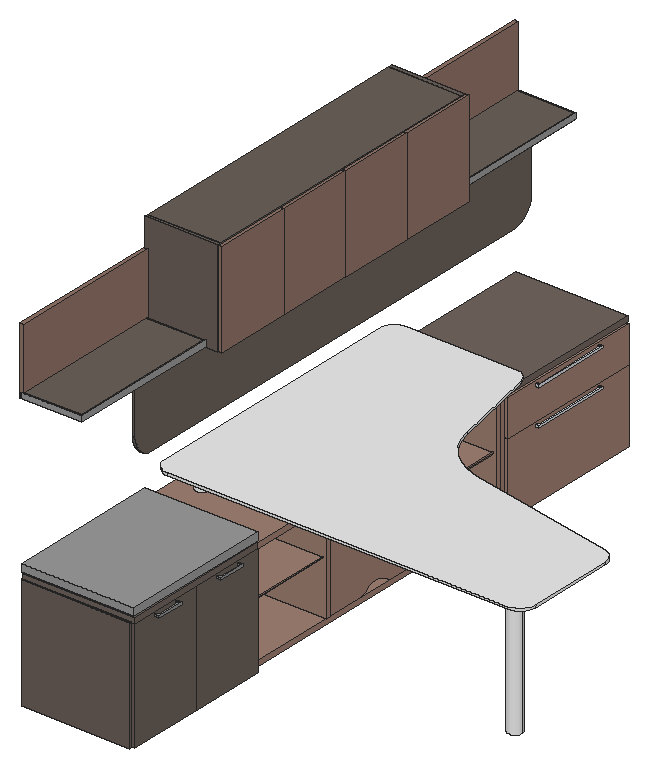
Revit family "T100103", category Furniture, Revit 2022
Family settings
  OmniClass Number = 23.40.20.00
  OmniClass Title = General Furniture and Specialties
  Work Plane-Based = No
  Always vertical = Yes
  Cut with Voids When Loaded = No
  Render Appearance Source = Family Geometry
  Shared = No
  Room Calculation Point = No
Parameters
  URL = "https://ofs.com/"
  Model = "T200054\r\nT200054\r\nT200054\r\nT200054"
  Manufacturer = "OFS"
  Description = "OFS Typical T200054"
  Default Elevation = 0"
  Catalog = "https://ofs.com/typical/t200054"
  Authoring Version = "Autodesk Revit Architecture 2015"
  Assembly Code = "E2020400"
Reference planes (in)
  plane 1 "Center (Front/Back)": y = 0
  plane 2: z = 0
  plane 3 "Center (Left/Right)": x = 0
Dimensions and locks (in)
  aligned and locked: level to plane 2
Nested families (in)
  nested 1: "OFS STAKS HEIGHT ADJUSTABLE SWEEP TOP DESK 74x60 Top 22D Cabinet" at (-24, 0, 0) x (0, 1, 0) z (0, 0, 1), type "HA Sweep Top Desk 74x60 Left w 22D Cabinet"
    with Worksurface Height 27", Right Column no, Right 4H4 no, Leg Caps Material OFS STAKS Leg Caps Material, Left Column yes, Left 4H4 no, H4H Height Adjustable Panel Base Option yes, Columns Finish OFS STAKS Columns Material, Chassis Finish OFS STAKS Veneer Board Material
  nested 2: "OFS STAKS Rectangular Worksurface 22 Depth Long Grain" at (-38.83365, 22.44502, -6) x (0, 1, 0) z (0, 0, 1), type "Rectangular Worksurface 30" Width"
  nested 3: "OFS STAKS Rectangular Worksurface 22 Depth Long Grain" at (-38.83365, -22.32002, -6) x (0, -1, 0) z (0, 0, 1), type "Rectangular Worksurface 30" Width"
  nested 4: "STAKS LOW HEIGHT DOOR CABINET - NO RISER SUPPORT" at (-16.99965, -23.89789, 0) x (0, -1, 0) z (0, 0, 1), type "STAKS LOW HEIGHT DOOR CABINET - NO RISER SUPPORT 30 x 22"
  nested 5: "OFS STAKS File Pedestal No Riser Support 30 Width" at (-38.83365, 25.44327, 0) x (0, 1, 0) z (0, 0, 1), type "Low Height Tray/File Pedestal No Riser Support 16.375" Depth"
    with Depth 22"
  nested 6: "STAKS WALLMOUNT ORGANIZER WITH DOORS Four Doors" at (-38.07585, -27.05499, 0.625) x (0, 1, 0) z (0, 0, 1), type "STAKS WALLMOUNT ORGANIZER WITH DOORS Four Doors 60in W"
    with Height Above Floor 71 1/2", 2D Symbol Lines yes
  nested 7: "STAKS TRANSACTION COUNTER 30in" at (-38.26334, 17.94502, 25.125) x (0, 1, 0) z (0, 0, 1), type "STAKS TRANSACTION COUNTER 30in"
  nested 8: "STAKS TRANSACTION COUNTER 30in" at (-38.26334, -17.94502, 25.125) x (0, -1, 0) z (0, 0, 1), type "STAKS TRANSACTION COUNTER 30in"
  nested 9: "STAKS FABRIC TACKBOARD WITH ROUNDED CORNERS FOR SPINE OR DIVIDER WALL" at (-38.70074, -40.58624, 7.625) x (0, 1, 0) z (0, 0, 1), type "STAKS FABRIC TACKBOARD WITH ROUNDED CORNERS FOR SPINE OR DIVIDER WALL 18H x 74-96W"
    with Height Above Floor 41 1/2", Width 96"
  nested 10: "STAKS LOW OR BENCH HEIGHT CUSHIONS" at (-35.12535, -23.89789, 3) x (0, -1, 0) z (0, 0, 1), type "STAKS LOW OR BENCH HEIGHT CUSHION - SINGLE 30"
Definition of nested family "OFS STAKS HEIGHT ADJUSTABLE SWEEP TOP DESK 74x60 Top 22D Cabinet"
  Parameters (values of type "HA Sweep Top Desk 74x60 Right w 22D Cabinet")
    Worksurface Finish = none
    Width = 60"
    URL = "https://ofs.com/"
    Shelves Finish = none
    Right Column [instance] = no
    Right 4H4 [instance] = yes
    Right = yes
    Leg Caps Material [instance] = none
    Left Column [instance] = no
    Left 4H4 [instance] = no
    Left = no
    H4H Height Adjustable Panel Base Option [instance] = yes
    Depth = 74"
    Model = "6-7460HASWTR"
    Manufacturer = "OFS"
    Height = 1 3/16"
    Description = "OFS STAKS HEIGHT ADJUSTABLE SWEEP TOP DESK Right Sided, 60\"W x 22\"D Low Height Cabinet, 72\"W x 58\"D Worksurface"
    Default Elevation = 0"
    Copyright © = "©OFS 2021"
    Columns Finish [instance] = none
    Chassis Finish [instance] = none
    Catalog = "https://ofs.com/products/casegoods/private-office/staks"
    Worksurface Height [instance] = 27"
    Cabinet Storage Approach = none
    Authoring Version = "Autodesk Revit Architecture 2015"
    Assembly Code = "E2020200"
  Types (3): name | Right 4H4 | Right | Left 4H4 | Left | Model | Description
    (no name) | yes | yes | no | no | "6-7460HASWTR" | "OFS STAKS HEIGHT ADJUSTABLE SWEEP TOP DESK Right Sided, 60\"W x 22\"D Low Height Cabinet, 72\"W x 58\"D Worksurface"
    HA Sweep Top Desk 74x60 Left w 22D Cabinet | no | no | yes | yes | "6-7460HASWTL" | "OFS STAKS HEIGHT ADJUSTABLE SWEEP TOP DESK Left Sided, 60\"W x 22\"D Low Height Cabinet, 72\"W x 58\"D Worksurface"
    HA Sweep Top Desk 74x60 Right w 22D Cabinet | yes | yes | no | no | "6-7460HASWTR" | "OFS STAKS HEIGHT ADJUSTABLE SWEEP TOP DESK Right Sided, 60\"W x 22\"D Low Height Cabinet, 72\"W x 58\"D Worksurface"
  Reference planes (in)
    plane 1 "Back End": y = 13
    plane 2: z = 0
    plane 3 "Center Left/Right": x = 0
    plane 4 "Left End": x = -30
    plane 5 "Front End": y = -61
    plane 6 "Right End": x = 30
    plane 7 "Height Top": z = 28.1875
    plane 8: z = 27
    plane 9 "Center Front/Back": y = -24
    plane 10: z = 24.625
    plane 11: z = 22.25
    plane 12: z = 26.875
  Forms (in)
    Extrusion 1, solid, material <- "Columns Finish", visible <- "Right"
      sketch origin (-24, -25.75, 0) x (0, 1, 0) y (-1, 0, 0)
        loop
          circle (-24.4997, -43.08789) r 1.125
      from 24.625 to 26.875
    Extrusion 2, solid, material <- "Columns Finish", visible <- "Right"
      sketch origin (-24, -25.75, 0) x (0, 1, 0) y (-1, 0, 0)
        loop
          circle (-24.4997, -43.08789) r 1.25
      from 22.25 to 24.625
    Extrusion 3, solid, material <- "Columns Finish", visible <- "Right Column"
      sketch origin (-24, -25.75, 0) x (0, 1, 0) y (-1, 0, 0)
        loop
          circle (-24.4997, -43.08789) r 1.375
      from 0 to 22.25
    Extrusion 4, solid, material <- "Columns Finish"
      sketch origin (-24, -19.75, 0) x (0, 1, 0) y (-1, 0, 0)
        loop
          line (24, -44) -> (24, -50) -> (30, -50) -> (30, -44) -> (24, -44)
        loop
          line (24, -4) -> (30, -4) -> (30, 2) -> (24, 2) -> (24, -4)
      from 26.875 to 27
    Extrusion 5, solid, material <- "Columns Finish"
      sketch origin (-21.08789, 26.75266, 0) x (0, 1, 0) y (-1, 0, 0)
        loop
          circle (-18.4997, -43.08789) r 1.125
      from 24.625 to 26.875
    Extrusion 6, solid, material <- "Columns Finish"
      sketch origin (-21.08789, 26.75266, 0) x (0, 1, 0) y (-1, 0, 0)
        loop
          circle (-18.4997, -43.08789) r 1.25
      from 22.25 to 24.625
    Extrusion 7, solid, material <- "Columns Finish"
      sketch origin (-21.08789, 26.75266, 0) x (0, 1, 0) y (-1, 0, 0)
        loop
          circle (-18.4997, -43.08789) r 1.375
      from 2.375 to 22.25
    Extrusion 8, solid, material <- "Columns Finish"
      sketch origin (-53.08789, 26.75266, 0) x (0, 1, 0) y (-1, 0, 0)
        loop
          circle (-18.4997, -31.08789) r 1.125
      from 24.625 to 26.875
    Extrusion 9, solid, material <- "Columns Finish"
      sketch origin (-53.08789, 26.75266, 0) x (0, 1, 0) y (-1, 0, 0)
        loop
          circle (-18.4997, -31.08789) r 1.25
      from 22.25 to 24.625
    Extrusion 10, solid, material <- "Columns Finish"
      sketch origin (-53.08789, 26.75266, 0) x (0, 1, 0) y (-1, 0, 0)
        loop
          circle (-18.4997, -31.08789) r 1.375
      from 2.375 to 22.25
    Extrusion 11, solid, material <- "Columns Finish", visible <- "Right"
      sketch origin (-24, -25.75, 0) x (0, 1, 0) y (-1, 0, 0)
        loop
          line (-26.4997, -40.08789) -> (-26.4997, -46.08789) -> (-20.4997, -46.08789) -> (-20.4997, -40.08789) -> (-26.4997, -40.08789)
      from 26.875 to 27
    Extrusion 12, solid, material <- "Columns Finish", visible <- "Left"
      sketch origin (24, -25.75, 0) x (0, 1, 0) y (-1, 0, 0)
        loop
          circle (-24.4997, 43.08789) r 1.125
      from 24.625 to 26.875
    Extrusion 13, solid, material <- "Columns Finish", visible <- "Left"
      sketch origin (24, -25.75, 0) x (0, 1, 0) y (-1, 0, 0)
        loop
          circle (-24.4997, 43.08789) r 1.25
      from 22.25 to 24.625
    Extrusion 14, solid, material <- "Columns Finish", visible <- "Left Column"
      sketch origin (24, -25.75, 0) x (0, 1, 0) y (-1, 0, 0)
        loop
          circle (-24.4997, 43.08789) r 1.375
      from 0 to 22.25
    Extrusion 15, solid, material <- "Columns Finish", visible <- "Left"
      sketch origin (24, -25.75, 0) x (0, 1, 0) y (-1, 0, 0)
        loop
          line (-26.4997, 40.08789) -> (-20.4997, 40.08789) -> (-20.4997, 46.08789) -> (-26.4997, 46.08789) -> (-26.4997, 40.08789)
      from 26.875 to 27
  Dimensions and locks (in)
    "Height": plane 7 "Height Top" to plane 8
    "Worksurface Height": plane 8 to level
    "Depth": plane 5 "Front End" to plane 1 "Back End"
    equal spacing: plane 4 "Left End", plane 3 "Center Left/Right", plane 6 "Right End"
    "Width": plane 4 "Left End" to plane 6 "Right End"
    equal spacing: plane 5 "Front End", plane 9 "Center Front/Back", plane 1 "Back End"
    locked: plane 11 to level at 22.25
    equal spacing: plane 8, plane 10, plane 11
    locked: plane 8 to plane 12 at 0.125
    aligned and locked: level to plane 2
    aligned and locked: plane 7 "Height Top" to nested 2
    aligned and locked: plane 8 to Extrusion 15
    aligned and locked: Extrusion 4 to plane 8
    aligned and locked: Extrusion 11 to plane 8
    aligned and locked: plane 12 to Extrusion 11
    aligned and locked: Extrusion 4 to plane 12
    aligned and locked: Extrusion 15 to plane 12
    aligned and locked: plane 12 to Extrusion 12
    aligned and locked: plane 12 to Extrusion 8
    aligned and locked: Extrusion 1 to plane 12
    aligned and locked: Extrusion 5 to plane 12
    aligned and locked: Extrusion 2 to plane 10
    aligned and locked: plane 10 to Extrusion 1
    aligned and locked: Extrusion 6 to plane 10
    aligned and locked: plane 10 to Extrusion 5
    aligned and locked: plane 10 to Extrusion 13
    aligned and locked: Extrusion 12 to plane 10
    aligned and locked: plane 10 to Extrusion 9
    aligned and locked: Extrusion 8 to plane 10
    aligned and locked: nested 5 to plane 7 "Height Top"
  Automatic sketch dimensions
    plane 5 "Front End" to Extrusion 1 sketch curve = 10.7503"
    plane 6 "Right End" to Extrusion 1 sketch curve = 10.91211"
    Extrusion 2 sketch curve to Extrusion 2 sketch curve = 0"  (x2)
    plane 5 "Front End" to Extrusion 2 sketch curve = 10.7503"
    plane 6 "Right End" to Extrusion 2 sketch curve = 10.91211"
    Extrusion 2 sketch curve to Extrusion 2 sketch curve = 1 1/4"
    Extrusion 3 sketch curve to Extrusion 3 sketch curve = 0"  (x2)
    plane 5 "Front End" to Extrusion 3 sketch curve = 10.7503"
    plane 6 "Right End" to Extrusion 3 sketch curve = 10.91211"
    Extrusion 3 sketch curve to Extrusion 3 sketch curve = 1 3/8"
    plane 1 "Back End" to Extrusion 4 sketch curve = 8 3/4"  (x2)
    plane 4 "Left End" to Extrusion 4 sketch curve = 4"
    plane 1 "Back End" to Extrusion 4 sketch curve = 2 3/4"  (x2)
    Extrusion 4 sketch curve to Extrusion 4 sketch curve = 6"
    plane 6 "Right End" to Extrusion 4 sketch curve = 10"
    plane 6 "Right End" to Extrusion 4 sketch curve = 4"
    plane 1 "Back End" to Extrusion 5 sketch curve = 4.74705"
    plane 6 "Right End" to Extrusion 5 sketch curve = 8"
    Extrusion 6 sketch curve to Extrusion 6 sketch curve = 0"  (x2)
    plane 1 "Back End" to Extrusion 6 sketch curve = 4.74705"
    plane 6 "Right End" to Extrusion 6 sketch curve = 8"
    Extrusion 6 sketch curve to Extrusion 6 sketch curve = 1 1/4"
    Extrusion 7 sketch curve to Extrusion 7 sketch curve = 0"  (x2)
    plane 1 "Back End" to Extrusion 7 sketch curve = 4.74705"
    plane 6 "Right End" to Extrusion 7 sketch curve = 8"
    Extrusion 7 sketch curve to Extrusion 7 sketch curve = 1 3/8"
    plane 1 "Back End" to Extrusion 8 sketch curve = 4.74705"
    plane 4 "Left End" to Extrusion 8 sketch curve = 8"
    Extrusion 9 sketch curve to Extrusion 9 sketch curve = 0"  (x2)
    plane 1 "Back End" to Extrusion 9 sketch curve = 4.74705"
    plane 4 "Left End" to Extrusion 9 sketch curve = 8"
    Extrusion 9 sketch curve to Extrusion 9 sketch curve = 1 1/4"
    Extrusion 10 sketch curve to Extrusion 10 sketch curve = 0"  (x2)
    plane 1 "Back End" to Extrusion 10 sketch curve = 4.74705"
    plane 4 "Left End" to Extrusion 10 sketch curve = 8"
    Extrusion 10 sketch curve to Extrusion 10 sketch curve = 1 3/8"
    plane 5 "Front End" to Extrusion 11 sketch curve = 8.7503"
    Extrusion 11 sketch curve to Extrusion 11 sketch curve = 6"  (x2)
    plane 6 "Right End" to Extrusion 11 sketch curve = 7.91211"
    Extrusion 12 sketch curve to plane 5 "Front End" = 10.7503"
    Extrusion 12 sketch curve to plane 4 "Left End" = 10.91211"
    Extrusion 13 sketch curve to Extrusion 13 sketch curve = 0"  (x2)
    Extrusion 13 sketch curve to plane 5 "Front End" = 10.7503"
    Extrusion 13 sketch curve to plane 4 "Left End" = 10.91211"
    Extrusion 13 sketch curve to Extrusion 13 sketch curve = 1 1/4"
    Extrusion 14 sketch curve to Extrusion 14 sketch curve = 0"  (x2)
    Extrusion 14 sketch curve to plane 5 "Front End" = 10.7503"
    Extrusion 14 sketch curve to plane 4 "Left End" = 10.91211"
    Extrusion 14 sketch curve to Extrusion 14 sketch curve = 1 3/8"
    Extrusion 15 sketch curve to plane 5 "Front End" = 8.7503"
    Extrusion 15 sketch curve to Extrusion 15 sketch curve = 6"  (x2)
    Extrusion 15 sketch curve to plane 4 "Left End" = 7.91211"
    radius of Extrusion 1 sketch curve = 1 1/8"
    radius of Extrusion 5 sketch curve = 1 1/8"
    radius of Extrusion 8 sketch curve = 1 1/8"
    radius of Extrusion 12 sketch curve = 1 1/8"
  Nested families (in)
    nested 1: "Aptos Modular Low Height Cabinets" at (0, 13, 0), Chassis Finish <- "Chassis Finish", Leg Caps Material <- "Leg Caps Material", Column Finish <- "Columns Finish", Worksurface Approach Finish <- "Worksurface Finish", Shelf Finish <- "Shelves Finish", Cabinet Storage Approach Finish <- "Cabinet Storage Approach", type "APTOS HEIGHT ADJUSTABLE SWEEP TOP DESK"
      with Worksurface Approach Finish none, Shelf Finish none, Leg Caps Material none, Column Finish none, Chassis Finish none, Cabinet Storage Approach Finish none, Width 60"
    nested 2: "APTOS SWEEP ELEVATED RUNOFF WORKSURFACE RIGHT - WOOD TOP for 18D Cabinets" at (-24, -23.7503, -1.3125) x (0, 1, 0) z (0, 0, 1), visible <- "Right", type "APTOS SWEEP ELEVATED RUNOFF WORKSURFACE 66" x 52" RIGHT OPEN END - WOOD TOP"
    nested 3: "H4H" at (-19, -53.25, 0) x (-1, 0, 0) z (0, 0, 1), visible <- "Left 4H4", Column Material <- "Columns Finish", Board Material <- "Chassis Finish", Leg Caps Material <- "Leg Caps Material", type "H4H"
      with Leg Caps Material none, Column Material none, Board Material none
    nested 4: "H4H" at (19, -53.25, 0), visible <- "Right 4H4", Column Material <- "Columns Finish", Board Material <- "Chassis Finish", Leg Caps Material <- "Leg Caps Material", type "H4H"
      with Leg Caps Material none, Column Material none, Board Material none
    nested 5: "APTOS SWEEP ELEVATED RUNOFF WORKSURFACE RIGHT - WOOD TOP for 18D Cabinets" at (24, -23.7503, -1.3125) x (0, 1, 0) z (0, 0, 1), visible <- "Left", type "APTOS SWEEP ELEVATED RUNOFF WORKSURFACE 66" x 52" RIGHT OPEN END - WOOD TOP"
  Definition of nested family "Aptos Modular Low Height Cabinets"
    Parameters (values of type "APTOS HEIGHT ADJUSTABLE SWEEP TOP DESK")
      Width = 54"
      URL = "http://ofsbrands.com"
      Top Board, Back Offset = 0"
      Shelf Finish [instance] = none
      Shelf Height = 10 9/16"
      Default Elevation = 0"
      Cabinet Storage Approach Finish [instance] = none
      Drawer Width = 14 3/4"
      Drawer Gap = 7/8"
      Worksurface Approach Finish [instance] = none
      Column Finish [instance] = none
      Box Width = 22 3/4"
      Bottom Drawer Height = 12"
      Board Thick Door = 1"
      Depth = 22"
      Chassis Finish [instance] = none
      Model = ""
      Manufacturer = "OFS"
      Leg Caps Material [instance] = none
      Leg Offset = 2"
      Board Thick Internal = 3/4"
      Height = 22 7/8"
      Description = "OFS BRANDS OFS APTOS"
      Copyright © = "© OFS BRANDS 2017"
      Catalog = "APTOS http://ofsbrands.com/products/casegoods/private-office/aptos"
      Bottom Board Offset = 1/2"
      Board Thick Top and Bot = 1"
      Board Thick Shelfs = 3/4"
      Board Thick Sides = 3/4"
      Board Thick Front = 3/4"
      Board Thick Back = 3/4"
      Authoring Version = "Autodesk Revit Architecture 2013"
      Assembly Code = "E2020200"
    Reference planes (in)
      plane 1 "Center Front/Back": y = 0
      plane 2: z = 0
      plane 3 "Center Left/Right": x = 0
      plane 4 "Left End": x = -27
      plane 5 "Front End": y = -21
      plane 6 "Right End": x = 27
      plane 7 "Back End": y = 0
      plane 8 "Height Top": z = 22.875
      plane 9: x = -26.25
      plane 10: x = 26.25
      plane 11: z = 11.3125
      plane 12: z = 12.0625
      plane 13: z = 21.875
      plane 14: z = 0.5
      plane 15: z = 1.5
      plane 16: y = -20.25
      plane 17: y = -2
      plane 18: y = -2
      plane 19: y = -19
      plane 20: y = -19
      plane 21: x = -25
      plane 22: x = 25
      plane 23: x = 25
      plane 24: x = -25
      plane 25: x = -12.125
      plane 26: x = -11.375
      plane 27: y = -22
      plane 28: y = -0.75
      plane 29: x = 12.125
      plane 30: x = 11.375
      plane 31: y = 0
      plane 32: y = -2.75
    Forms (in)
      Extrusion 1, solid, material <- "Chassis Finish"
        sketch origin (0, 0, 0) x (1, 0, 0) y (0, 1, 0)
          loop
            line (-27, 0) -> (-27, -21) -> (-26.25, -21) -> (-26.25, 0) -> (-27, 0)
        from 0.5 to 21.875
      Extrusion 2, solid, material <- "Chassis Finish"
        sketch origin (0, 0, 0) x (-1, 0, 0) y (0, -1, 0)
          loop
            line (-27, 0) -> (-26.25, 0) -> (-26.25, 21) -> (-27, 21) -> (-27, 0)
        from 0.5 to 21.875
      Extrusion 3, solid, material <- "Chassis Finish"
        sketch origin (0, 0, 0) x (1, 0, 0) y (0, 1, 0)
          loop
            line (-26.25, 0) -> (-26.25, -21) -> (26.25, -21) -> (26.25, 0) -> (-26.25, 0)
        from 0.5 to 1.5
      Extrusion 4, solid, material <- "Chassis Finish"
        sketch origin (0, 0, 0) x (1, 0, 0) y (0, 1, 0)
          loop
            line (-27, 0) -> (-27, -22) -> (27, -22) -> (27, 0) -> (-27, 0)
        from 21.875 to 22.875
      Revolve 5, solid, material <- "Leg Caps Material"
        sketch origin (0, -2, 0) x (-1, 0, 0) y (0, 0, 1)
          loop
            line (24, 0.28743) -> (24.5, 0.28743)
            arc (24.5, 0.28743) -> (24.35629, 0.14371) -> (24.5, 0) r 0.14371
            line (24.5, 0) -> (25, 0) -> (25, 0.5) -> (24, 0.5) -> (24, 0.28743)
          axis (25, 0.5) -> (25, 0)
        angle from 0 to 360
      Revolve 6, solid, material <- "Leg Caps Material"
        sketch origin (0, -2, 0) x (1, 0, 0) y (0, 0, -1)
          loop
            line (24, -0.28743) -> (24, -0.5) -> (25, -0.5) -> (25, 0) -> (24.5, 0)
            arc (24.5, 0) -> (24.35629, -0.14371) -> (24.5, -0.28743) r 0.14371
            line (24.5, -0.28743) -> (24, -0.28743)
          axis (25, -0.5) -> (25, 0)
        angle from 0 to 360
      Revolve 7, solid, material <- "Leg Caps Material"
        sketch origin (0, -19, 0) x (-1, 0, 0) y (0, 0, -1)
          loop
            line (24, -0.28743) -> (24, -0.5) -> (25, -0.5) -> (25, 0) -> (24.5, 0)
            arc (24.5, 0) -> (24.35629, -0.14371) -> (24.5, -0.28743) r 0.14371
            line (24.5, -0.28743) -> (24, -0.28743)
          axis (25, -0.5) -> (25, 0)
        angle from 0 to 360
      Revolve 8, solid, material <- "Leg Caps Material"
        sketch origin (0, -19, 0) x (1, 0, 0) y (0, 0, 1)
          loop
            line (24, 0.28743) -> (24.5, 0.28743)
            arc (24.5, 0.28743) -> (24.35629, 0.14371) -> (24.5, 0) r 0.14371
            line (24.5, 0) -> (25, 0) -> (25, 0.5) -> (24, 0.5) -> (24, 0.28743)
          axis (25, 0.5) -> (25, 0)
        angle from 0 to 360
      Extrusion 9, solid, material <- "Chassis Finish"
        sketch origin (0, 0, 0) x (1, 0, 0) y (0, 1, 0)
          loop
            line (-12.125, -0.75) -> (-12.125, -21) -> (-11.375, -21) -> (-11.375, -0.75) -> (-12.125, -0.75)
        from 1.5 to 21.875
      Revolve 10, solid, material <- "Leg Caps Material"
        sketch origin (-28, -2, 0) x (1, 0, 0) y (0, 0, -1)
          loop
            line (27, -0.28743) -> (27, -0.5) -> (28, -0.5) -> (28, 0) -> (27.5, 0)
            arc (27.5, 0) -> (27.35629, -0.14371) -> (27.5, -0.28743) r 0.14371
            line (27.5, -0.28743) -> (27, -0.28743)
          axis (28, -0.5) -> (28, 0)
        angle from 0 to 360
      Revolve 11, solid, material <- "Leg Caps Material"
        sketch origin (-28, -19, 0) x (1, 0, 0) y (0, 0, 1)
          loop
            line (27, 0.28743) -> (27.5, 0.28743)
            arc (27.5, 0.28743) -> (27.35629, 0.14371) -> (27.5, 0) r 0.14371
            line (27.5, 0) -> (28, 0) -> (28, 0.5) -> (27, 0.5) -> (27, 0.28743)
          axis (28, 0.5) -> (28, 0)
        angle from 0 to 360
      Extrusion 12, solid, material <- "Chassis Finish"
        sketch origin (0, 0, 0) x (-1, 0, 0) y (0, -1, 0)
          loop
            line (-12.125, 0.75) -> (-11.375, 0.75) -> (-11.375, 21) -> (-12.125, 21) -> (-12.125, 0.75)
        from 1.5 to 21.875
      Extrusion 13, solid, material <- "Chassis Finish"
        sketch origin (0, 13.5, 0) x (1, 0, 0) y (0, 1, 0)
          loop
            line (11.375, -15.5) -> (-11.375, -15.5) -> (-11.375, -16.25) -> (11.375, -16.25) -> (11.375, -15.5)
        from 1.5 to 21.875
      Extrusion 14, solid, material <- "Chassis Finish"
        sketch origin (-0.25, 27.875, 0) x (-1, 0, 0) y (0, -1, 0)
          loop
            line (-26.5, 27.875) -> (26, 27.875) -> (26, 28.625) -> (-26.5, 28.625) -> (-26.5, 27.875)
        from 1.5 to 21.875
      Extrusion 15, solid, material <- "Shelf Finish"
        sketch origin (-21, 0, 0) x (0, 1, 0) y (0, 0, -1)
          loop
            line (-2.75, -12.0625) -> (-2.75, -11.3125) -> (-19.75, -11.3125) -> (-20.25, -11.8125) -> (-20.25, -12.0625) -> (-2.75, -12.0625)
        from -8.875 to 5.25
      Extrusion 16, solid, material <- "Shelf Finish"
        sketch origin (21, 0, 0) x (0, 1, 0) y (0, 0, 1)
          loop
            line (-2.75, 12.0625) -> (-20.25, 12.0625) -> (-20.25, 11.8125) -> (-19.75, 11.3125) -> (-2.75, 11.3125) -> (-2.75, 12.0625)
        from -8.875 to 5.25
      Extrusion 17, solid, material <- "Cabinet Storage Approach Finish"
        sketch origin (0, 0, 0) x (1, 0, 0) y (0, 0, 1)
          loop
            line (-11.375, 21.875) -> (-11.375, 1.5) -> (-4.67423, 1.5)
            arc (-4.67423, 1.5) -> (-3.42989, 1.69847) -> (-2.30903, 2.27419) r 4
            arc (-2.30903, 2.27419) -> (0, 3.03) -> (2.30903, 2.27419) r 3.905
            arc (2.30903, 2.27419) -> (3.42989, 1.69847) -> (4.67423, 1.5) r 4
            line (4.67423, 1.5) -> (11.375, 1.5) -> (11.375, 21.875) -> (4.67423, 21.875)
            arc (4.67423, 21.875) -> (3.42989, 21.67653) -> (2.30903, 21.10081) r 4
            arc (2.30903, 21.10081) -> (0, 20.345) -> (-2.30903, 21.10081) r 3.905
            arc (-2.30903, 21.10081) -> (-3.42989, 21.67653) -> (-4.67423, 21.875) r 4
            line (-4.67423, 21.875) -> (-11.375, 21.875)
        from 20.25 to 21
    Dimensions and locks (in)
      equal spacing: plane 4 "Left End", plane 3 "Center Left/Right", plane 6 "Right End"
      "Width": plane 4 "Left End" to plane 6 "Right End"
      "Height": plane 8 "Height Top" to level
      "Board Thick Sides": plane 4 "Left End" to plane 9
      "Board Thick Sides": plane 10 to plane 6 "Right End"
      "Board Thick Top and Bot": plane 8 "Height Top" to plane 13
      "Board Thick Shelfs": plane 12 to plane 11
      "Board Thick Top and Bot": plane 15 to plane 14
      "Bottom Board Offset": plane 14 to level
      "Board Thick Front": plane 16 to plane 5 "Front End"
      "Leg Offset": plane 19 to plane 5 "Front End"
      "Leg Offset": plane 20 to plane 5 "Front End"
      "Leg Offset": plane 17 to plane 7 "Back End"
      "Leg Offset": plane 18 to plane 7 "Back End"
      "Leg Offset": plane 4 "Left End" to plane 21
      "Leg Offset": plane 22 to plane 6 "Right End"
      "Leg Offset": plane 23 to plane 6 "Right End"
      "Leg Offset": plane 4 "Left End" to plane 24
      "Board Thick Internal": plane 25 to plane 26
      "Board Thick Door": plane 27 to plane 5 "Front End"
      "Shelf Height": plane 12 to plane 15
      "Board Thick Back": plane 28 to plane 1 "Center Front/Back"
      "Depth": plane 27 to plane 1 "Center Front/Back"
      "Board Thick Internal": plane 29 to plane 30
      equal spacing: plane 26, plane 3 "Center Left/Right", plane 30
      "Box Width": plane 26 to plane 30
      "Top Board, Back Offset": plane 31 to plane 7 "Back End"
      "Board Thick Internal": plane 18 to plane 32
      aligned and locked: level to plane 2
      aligned and locked: plane 5 "Front End" to Extrusion 1 sketch curve
      aligned and locked: plane 4 "Left End" to Extrusion 1 sketch curve
      aligned and locked: Extrusion 1 sketch curve to plane 9
      aligned and locked: Extrusion 2 to plane 5 "Front End"
      aligned and locked: plane 10 to Extrusion 2
      aligned and locked: Extrusion 2 to plane 6 "Right End"
      aligned and locked: plane 14 to Extrusion 2
      aligned and locked: plane 10 to Extrusion 3 sketch curve
      aligned and locked: Extrusion 3 sketch curve to plane 9
      aligned and locked: plane 18 to Revolve 5
      aligned and locked: Revolve 6 to plane 17
      aligned and locked: plane 20 to Revolve 8
      aligned and locked: Revolve 7 to plane 19
      aligned and locked: Extrusion 9 sketch curve to plane 25
      aligned and locked: plane 26 to Extrusion 9 sketch curve
      aligned and locked: Extrusion 9 to plane 5 "Front End"
      aligned and locked: Extrusion 3 to plane 15
      aligned and locked: Extrusion 3 to plane 14
      aligned and locked: Extrusion 9 to plane 15
      aligned and locked: plane 13 to Extrusion 9
      aligned and locked: Extrusion 2 to plane 13
      aligned and locked: Extrusion 4 to plane 27
      aligned and locked: Extrusion 4 to plane 6 "Right End"
      aligned and locked: Extrusion 4 to plane 4 "Left End"
      aligned and locked: plane 8 "Height Top" to Extrusion 4
      aligned and locked: Extrusion 4 to plane 13
      aligned and locked: Extrusion 1 to plane 1 "Center Front/Back"
      aligned and locked: Extrusion 2 to plane 1 "Center Front/Back"
      aligned and locked: Extrusion 3 to plane 1 "Center Front/Back"
      aligned and locked: plane 13 to Extrusion 1
      aligned and locked: Extrusion 1 to plane 14
      aligned and locked: plane 17 to Revolve 10
      aligned and locked: Revolve 11 to plane 20
      aligned and locked: Extrusion 12 sketch curve to plane 29
      aligned and locked: Extrusion 12 sketch curve to plane 30
      aligned and locked: Extrusion 4 to plane 31
      aligned and locked: plane 30 to Extrusion 13
      aligned and locked: plane 26 to Extrusion 13
      aligned and locked: Extrusion 13 to plane 18
      aligned and locked: Extrusion 13 to plane 32
      aligned and locked: plane 13 to Extrusion 13
      aligned and locked: Extrusion 13 to plane 15
      aligned and locked: Extrusion 14 to plane 10
      aligned and locked: Extrusion 12 to plane 15
      aligned and locked: plane 13 to Extrusion 12
      aligned and locked: Extrusion 15 to plane 9
      aligned and locked: plane 25 to Extrusion 15
      aligned and locked: plane 29 to Extrusion 16
      aligned and locked: Extrusion 16 to plane 10
      aligned and locked: Extrusion 14 to plane 9
      aligned and locked: Extrusion 14 to plane 13
      aligned and locked: Extrusion 14 to plane 15
      aligned and locked: plane 28 to Extrusion 9
      aligned and locked: plane 28 to Extrusion 12
      aligned and locked: plane 26 to Extrusion 17 sketch curve
      aligned and locked: Extrusion 17 sketch curve to plane 30
      aligned and locked: Extrusion 17 sketch curve to plane 13
      aligned and locked: Extrusion 17 sketch curve to plane 15
      aligned and locked: Extrusion 17 to plane 5 "Front End"
      aligned and locked: Extrusion 17 to plane 16
    Automatic sketch dimensions
      plane 1 "Center Front/Back" to Extrusion 1 sketch curve = 0"
      Extrusion 2 sketch curve to plane 5 "Front End" = 0"
      Extrusion 2 sketch curve to plane 6 "Right End" = 0"
      Extrusion 2 sketch curve to plane 10 = 0"
      plane 1 "Center Front/Back" to Extrusion 2 sketch curve = 0"
      Extrusion 3 sketch curve to plane 5 "Front End" = 0"
      plane 1 "Center Front/Back" to Extrusion 3 sketch curve = 0"
      Extrusion 4 sketch curve to plane 4 "Left End" = 0"
      Extrusion 4 sketch curve to plane 6 "Right End" = 0"
      Extrusion 4 sketch curve to plane 27 = 0"
      plane 31 to Extrusion 4 sketch curve = 0"
      Revolve 5 sketch curve to plane 14 = 0"
      Revolve 5 sketch curve to level = 0"
      plane 21 to Revolve 5 sketch curve = 0"  (x2)
      Revolve 5 sketch curve to plane 21 = 1/2"
      Revolve 5 sketch curve to Revolve 5 sketch curve = 1/2"  (x2)
      level to Revolve 5 sketch curve = 0.14371"
      level to Revolve 5 sketch curve = 0.28743"
      Revolve 5 sketch curve to Revolve 5 sketch curve = 0"
      Revolve 5 sketch curve to plane 15 = 1/4"
      Revolve 6 sketch curve to plane 14 = 0"
      Revolve 6 sketch curve to level = 0"
      Revolve 6 sketch curve to plane 22 = 0"  (x2)
      Revolve 6 sketch curve to Revolve 6 sketch curve = 1/2"  (x3)
      level to Revolve 6 sketch curve = 0.28743"
      level to Revolve 6 sketch curve = 0.14371"
      Revolve 6 sketch curve to Revolve 6 sketch curve = 0"
      Revolve 6 sketch curve to plane 15 = 1/4"
      Revolve 7 sketch curve to plane 14 = 0"
      Revolve 7 sketch curve to level = 0"
      plane 21 to Revolve 7 sketch curve = 0"  (x2)
      Revolve 7 sketch curve to plane 21 = 1/2"
      Revolve 7 sketch curve to Revolve 7 sketch curve = 1/2"  (x2)
      level to Revolve 7 sketch curve = 0.28743"
      level to Revolve 7 sketch curve = 0.14371"
      Revolve 7 sketch curve to Revolve 7 sketch curve = 0"
      Revolve 7 sketch curve to plane 15 = 1/4"
      Revolve 8 sketch curve to plane 14 = 0"
      Revolve 8 sketch curve to level = 0"
      Revolve 8 sketch curve to plane 22 = 0"  (x2)
      Revolve 8 sketch curve to Revolve 8 sketch curve = 1/2"  (x3)
      level to Revolve 8 sketch curve = 0.14371"
      level to Revolve 8 sketch curve = 0.28743"
      Revolve 8 sketch curve to Revolve 8 sketch curve = 0"
      Revolve 8 sketch curve to plane 15 = 1/4"
      Extrusion 9 sketch curve to plane 5 "Front End" = 0"
      plane 1 "Center Front/Back" to Extrusion 9 sketch curve = 3/4"
      Revolve 10 sketch curve to plane 14 = 0"
      Revolve 10 sketch curve to level = 0"
      Revolve 10 sketch curve to plane 3 "Center Left/Right" = 0"  (x2)
      Revolve 10 sketch curve to Revolve 10 sketch curve = 1/2"  (x3)
      level to Revolve 10 sketch curve = 0.28743"
      level to Revolve 10 sketch curve = 0.14371"
      Revolve 10 sketch curve to Revolve 10 sketch curve = 0"
      Revolve 10 sketch curve to plane 15 = 1/4"
      Revolve 11 sketch curve to plane 14 = 0"
      Revolve 11 sketch curve to level = 0"
      Revolve 11 sketch curve to plane 3 "Center Left/Right" = 0"  (x2)
      Revolve 11 sketch curve to Revolve 11 sketch curve = 1/2"  (x3)
      level to Revolve 11 sketch curve = 0.14371"
      level to Revolve 11 sketch curve = 0.28743"
      Revolve 11 sketch curve to Revolve 11 sketch curve = 0"
      Revolve 11 sketch curve to plane 15 = 1/4"
      Extrusion 12 sketch curve to plane 5 "Front End" = 0"
      Extrusion 12 sketch curve to plane 1 "Center Front/Back" = 3/4"
      Extrusion 13 sketch curve to plane 17 = 0"
      Extrusion 13 sketch curve to plane 26 = 0"
      Extrusion 13 sketch curve to plane 30 = 0"
      plane 32 to Extrusion 13 sketch curve = 0"
      Extrusion 14 sketch curve to plane 10 = 0"
      Extrusion 14 sketch curve to plane 28 = 0"
      Extrusion 14 sketch curve to plane 29 = 38 3/8"
      plane 1 "Center Front/Back" to Extrusion 14 sketch curve = 0"
      Extrusion 15 sketch curve to plane 12 = 0"
      Extrusion 15 sketch curve to plane 16 = 0"
      Extrusion 15 sketch curve to plane 11 = 0"
      Extrusion 15 sketch curve to plane 32 = 0"
      Extrusion 15 sketch curve to plane 16 = 1/2"
      plane 11 to Extrusion 15 sketch curve = 1/2"
      Extrusion 16 sketch curve to plane 12 = 0"
      Extrusion 16 sketch curve to plane 16 = 0"
      Extrusion 16 sketch curve to plane 11 = 0"
      Extrusion 16 sketch curve to plane 32 = 0"
      Extrusion 16 sketch curve to plane 16 = 1/2"
      plane 11 to Extrusion 16 sketch curve = 1/2"
      Extrusion 17 sketch curve to plane 3 "Center Left/Right" = 0"  (x2)
      Extrusion 17 sketch curve to level = 7/8"
      Extrusion 17 sketch curve to Extrusion 17 sketch curve = 4"  (x4)
      plane 8 "Height Top" to Extrusion 17 sketch curve = 1 3/8"
      Extrusion 17 sketch curve to Extrusion 17 sketch curve = 0"  (x2)
      Extrusion 17 sketch curve to Extrusion 17 sketch curve = 2.3652"  (x4)
      Extrusion 17 sketch curve to plane 15 = 0"
      Extrusion 17 sketch curve to plane 13 = 0"
  Definition of nested family "APTOS SWEEP ELEVATED RUNOFF WORKSURFACE RIGHT - WOOD TOP for 18D Cabinets"
    Parameters (values of type "APTOS SWEEP ELEVATED RUNOFF WORKSURFACE 66" x 52" RIGHT OPEN END - WOOD TOP")
      Width = 70"
      URL = "http://ofsbrands.com"
      Table Material = none
      Depth = 52"
      Model = "34-6652SWTER"
      Manufacturer = "OFS"
      Height = 1 3/16"
      Description = "OFS BRANDS OFS APTOS SWEEP ELEVATED RUNOFF WORKSURFACE 66\" x 52\" RIGHT OPEN END - WOOD TOP, 1.1875\" thick Solid Surface Worksurface"
      Default Elevation = 0"
      Copyright © = "© OFS BRANDS 2017"
      Catalog = "APTOS http://ofsbrands.com/products/casegoods/private-office/aptos"
      Bottom Board Offset = 28 5/16"
      Authoring Version = "Autodesk Revit Architecture 2013"
      Assembly Code = "E2020200"
      34-6658SWTERC = yes
      34-6652SWTERC = no
      34-6646SWTERC = no
    Reference planes (in)
      plane 1 "Back End": y = 2
      plane 2: z = 0
      plane 3 "Center Left/Right": x = 0
      plane 4 "Left End": x = -35
      plane 5 "Front End": y = -50
      plane 6 "Right End": x = 35
      plane 7 "Height Top": z = 29.5
      plane 8: z = 28.3125
      plane 9 "Center Front/Back": y = -24
    Forms (in)
      Extrusion 1, solid, material <- "Table Material", visible <- "34-6646SWTERC", not visible
        sketch origin (0, -100, 0) x (1, 0, 0) y (0, 1, 0)
          loop
            arc (6.80757, -12.92304) -> (3.42015, -18.89464) -> (-2.68659, -22.03188) r 12
            line (-2.68659, -22.03188) -> (-30.54995, -27.2307)
            arc (-30.54995, -27.2307) -> (-32.30738, -28.26287) -> (-32.9997, -30.1798) r 3
            line (-32.9997, -30.1798) -> (-32.9997, -44.00011)
            arc (-32.9997, -44.00011) -> (-32.12102, -46.12143) -> (-29.9997, -47.00011) r 3
            line (-29.9997, -47.00011) -> (30, -47.00011)
            arc (30, -47.00011) -> (32.12132, -46.12143) -> (33, -44.00011) r 3
            line (33, -44.00011) -> (33, -3.99989)
            arc (33, -3.99989) -> (32.12132, -1.87857) -> (30, -0.99989) r 3
            line (30, -0.99989) -> (11.93633, -0.99989)
            arc (11.93633, -0.99989) -> (10.06759, -1.65301) -> (9.01253, -3.32799) r 3
            line (9.01253, -3.32799) -> (6.80757, -12.92304)
        from 28.3125 to 29.5
      Sweep 2, void, not visible
        path in 3D
          loop
            arc (33, -103.99989, 29.5) -> (32.12132, -101.87857, 29.5) -> (30, -100.99989, 29.5) r 3
            line (30, -100.99989, 29.5) -> (11.93633, -100.99989, 29.5)
            arc (11.93633, -100.99989, 29.5) -> (10.06759, -101.65301, 29.5) -> (9.01253, -103.32799, 29.5) r 3
            line (9.01253, -103.32799, 29.5) -> (6.80757, -112.92304, 29.5)
            arc (6.80757, -112.92304, 29.5) -> (3.42015, -118.89464, 29.5) -> (-2.68659, -122.03188, 29.5) r 12
            line (-2.68659, -122.03188, 29.5) -> (-30.54995, -127.2307, 29.5)
            arc (-30.54995, -127.2307, 29.5) -> (-32.30738, -128.26287, 29.5) -> (-32.9997, -130.1798, 29.5) r 3
            line (-32.9997, -130.1798, 29.5) -> (-32.9997, -144.00011, 29.5)
            arc (-32.9997, -144.00011, 29.5) -> (-32.12102, -146.12143, 29.5) -> (-29.9997, -147.00011, 29.5) r 3
            line (-29.9997, -147.00011, 29.5) -> (30, -147.00011, 29.5)
            arc (30, -147.00011, 29.5) -> (32.12132, -146.12143, 29.5) -> (33, -144.00011, 29.5) r 3
            line (33, -144.00011, 29.5) -> (33, -103.99989, 29.5)
        profile origin (33, -124, 29.5) x (-1, 0, 0) y (0, 0, 1)
          loop
            line (0, -1.1875) -> (2, -1.1875) -> (0, -0.4375) -> (0, -1.1875)
      Extrusion 3, solid, material <- "Table Material", visible <- "34-6652SWTERC", not visible
        sketch origin (0, 0, 0) x (-1, 0, 0) y (0, -1, 0)
          loop
            arc (-5.28656, 16.00453) -> (-1.93262, 21.87607) -> (4.0634, 25.00205) r 12
            line (4.0634, 25.00205) -> (30.58089, 30.23844)
            arc (30.58089, 30.23844) -> (32.31741, 31.27682) -> (32.9997, 33.1816) r 3
            line (32.9997, 33.1816) -> (32.9997, 47.00011)
            arc (32.9997, 47.00011) -> (32.12102, 49.12143) -> (29.9997, 50.00011) r 3
            line (29.9997, 50.00011) -> (-30, 50.00011)
            arc (-30, 50.00011) -> (-32.12132, 49.12143) -> (-33, 47.00011) r 3
            line (-33, 47.00011) -> (-33, 0.99989)
            arc (-33, 0.99989) -> (-32.12132, -1.12143) -> (-30, -2.00011) r 3
            line (-30, -2.00011) -> (-11.93684, -2.00011)
            arc (-11.93684, -2.00011) -> (-10.07692, -1.35398) -> (-9.01817, 0.3061) r 3
            line (-9.01817, 0.3061) -> (-5.28656, 16.00453)
        from 28.3125 to 29.5
      Sweep 4, void, not visible
        path in 3D
          loop
            arc (33, -0.99989, 29.5) -> (32.12132, 1.12143, 29.5) -> (30, 2.00011, 29.5) r 3
            line (30, 2.00011, 29.5) -> (11.93684, 2.00011, 29.5)
            arc (11.93684, 2.00011, 29.5) -> (10.07692, 1.35398, 29.5) -> (9.01817, -0.3061, 29.5) r 3
            line (9.01817, -0.3061, 29.5) -> (5.28656, -16.00453, 29.5)
            arc (5.28656, -16.00453, 29.5) -> (1.93262, -21.87607, 29.5) -> (-4.0634, -25.00205, 29.5) r 12
            line (-4.0634, -25.00205, 29.5) -> (-30.58089, -30.23844, 29.5)
            arc (-30.58089, -30.23844, 29.5) -> (-32.31741, -31.27682, 29.5) -> (-32.9997, -33.1816, 29.5) r 3
            line (-32.9997, -33.1816, 29.5) -> (-32.9997, -47.00011, 29.5)
            arc (-32.9997, -47.00011, 29.5) -> (-32.12102, -49.12143, 29.5) -> (-29.9997, -50.00011, 29.5) r 3
            line (-29.9997, -50.00011, 29.5) -> (30, -50.00011, 29.5)
            arc (30, -50.00011, 29.5) -> (32.12132, -49.12143, 29.5) -> (33, -47.00011, 29.5) r 3
            line (33, -47.00011, 29.5) -> (33, -0.99989, 29.5)
        profile origin (33, -24, 29.5) x (-1, 0, 0) y (0, 0, 1)
          loop
            line (0, -1.1875) -> (2, -1.1875) -> (0, -0.4375) -> (0, -1.1875)
      Extrusion 5, solid, material <- "Table Material", visible <- "34-6658SWTERC"
        sketch origin (0, 0, 0) x (1, 0, 0) y (0, 1, 0)
          loop
            arc (5.50702, -14.95211) -> (2.21717, -21.10294) -> (-3.9379, -24.38486) r 12
            line (-3.9379, -24.38486) -> (-33.58089, -30.23844)
            arc (-33.58089, -30.23844) -> (-35.31741, -31.27682) -> (-35.9997, -33.1816) r 3
            line (-35.9997, -33.1816) -> (-35.9997, -50.00011)
            arc (-35.9997, -50.00011) -> (-35.12102, -52.12143) -> (-32.9997, -53.00011) r 3
            line (-32.9997, -53.00011) -> (33, -53.00011)
            arc (33, -53.00011) -> (35.12132, -52.12143) -> (36, -50.00011) r 3
            line (36, -50.00011) -> (36, 2.00011)
            arc (36, 2.00011) -> (35.12132, 4.12143) -> (33, 5.00011) r 3
            line (33, 5.00011) -> (11.93598, 5.00011)
            arc (11.93598, 5.00011) -> (10.03268, 4.31905) -> (8.99356, 2.58509) r 3
            line (8.99356, 2.58509) -> (5.50702, -14.95211)
        from 28.3125 to 29.5
      Sweep 6, void
        path in 3D
          loop
            arc (33, -53.00011, 29.5) -> (35.12132, -52.12143, 29.5) -> (36, -50.00011, 29.5) r 3
            line (36, -50.00011, 29.5) -> (36, 2.00011, 29.5)
            arc (36, 2.00011, 29.5) -> (35.12132, 4.12143, 29.5) -> (33, 5.00011, 29.5) r 3
            line (33, 5.00011, 29.5) -> (11.93598, 5.00011, 29.5)
            arc (11.93598, 5.00011, 29.5) -> (10.03268, 4.31905, 29.5) -> (8.99356, 2.58509, 29.5) r 3
            line (8.99356, 2.58509, 29.5) -> (5.50702, -14.95211, 29.5)
            arc (5.50702, -14.95211, 29.5) -> (2.21717, -21.10294, 29.5) -> (-3.9379, -24.38486, 29.5) r 12
            line (-3.9379, -24.38486, 29.5) -> (-33.58089, -30.23844, 29.5)
            arc (-33.58089, -30.23844, 29.5) -> (-35.31741, -31.27682, 29.5) -> (-35.9997, -33.1816, 29.5) r 3
            line (-35.9997, -33.1816, 29.5) -> (-35.9997, -50.00011, 29.5)
            arc (-35.9997, -50.00011, 29.5) -> (-35.12102, -52.12143, 29.5) -> (-32.9997, -53.00011, 29.5) r 3
            line (-32.9997, -53.00011, 29.5) -> (33, -53.00011, 29.5)
        profile origin (0.00015, -53.00011, 29.5) x (0, 1, 0) y (0, 0, 1)
          loop
            line (0, -1.1875) -> (2, -1.1875) -> (0, -0.4375) -> (0, -1.1875)
      Extrusion 7, solid, material <- "Table Material", visible <- "34-6658SWTERC", not visible
        sketch origin (0, 0, 0) x (1, 0, 0) y (0, 1, 0)
          loop
            arc (5.50702, -14.95211) -> (2.21717, -21.10294) -> (-3.9379, -24.38486) r 12
            line (-3.9379, -24.38486) -> (-33.58089, -30.23844)
            arc (-33.58089, -30.23844) -> (-35.31741, -31.27682) -> (-35.9997, -33.1816) r 3
            line (-35.9997, -33.1816) -> (-35.9997, -50.00011)
            arc (-35.9997, -50.00011) -> (-35.12102, -52.12143) -> (-32.9997, -53.00011) r 3
            line (-32.9997, -53.00011) -> (33, -53.00011)
            arc (33, -53.00011) -> (35.12132, -52.12143) -> (36, -50.00011) r 3
            line (36, -50.00011) -> (36, 2.00011)
            arc (36, 2.00011) -> (35.12132, 4.12143) -> (33, 5.00011) r 3
            line (33, 5.00011) -> (11.93598, 5.00011)
            arc (11.93598, 5.00011) -> (10.03268, 4.31905) -> (8.99356, 2.58509) r 3
            line (8.99356, 2.58509) -> (5.50702, -14.95211)
        from 28.3125 to 29.5
      Sweep 8, void, not visible
        path in 3D
          loop
            arc (33, -53.00011, 29.5) -> (35.12132, -52.12143, 29.5) -> (36, -50.00011, 29.5) r 3
            line (36, -50.00011, 29.5) -> (36, 2.00011, 29.5)
            arc (36, 2.00011, 29.5) -> (35.12132, 4.12143, 29.5) -> (33, 5.00011, 29.5) r 3
            line (33, 5.00011, 29.5) -> (11.93598, 5.00011, 29.5)
            arc (11.93598, 5.00011, 29.5) -> (10.03268, 4.31905, 29.5) -> (8.99356, 2.58509, 29.5) r 3
            line (8.99356, 2.58509, 29.5) -> (5.50702, -14.95211, 29.5)
            arc (5.50702, -14.95211, 29.5) -> (2.21717, -21.10294, 29.5) -> (-3.9379, -24.38486, 29.5) r 12
            line (-3.9379, -24.38486, 29.5) -> (-33.58089, -30.23844, 29.5)
            arc (-33.58089, -30.23844, 29.5) -> (-35.31741, -31.27682, 29.5) -> (-35.9997, -33.1816, 29.5) r 3
            line (-35.9997, -33.1816, 29.5) -> (-35.9997, -50.00011, 29.5)
            arc (-35.9997, -50.00011, 29.5) -> (-35.12102, -52.12143, 29.5) -> (-32.9997, -53.00011, 29.5) r 3
            line (-32.9997, -53.00011, 29.5) -> (33, -53.00011, 29.5)
        profile origin (0.00015, -53.00011, 29.5) x (0, 1, 0) y (0, 0, 1)
          loop
            line (0, -1.1875) -> (2, -1.1875) -> (0, -0.4375) -> (0, -1.1875)
    Cuts and joins
      Sweep 6 cuts Extrusion 5
    Lines and regions (in)
      sketch lines, not visible
        curve 1: line (33, -144.00011, 29.5) -> (33, -103.99989, 29.5)
        curve 2: arc (30, -100.99989, 29.5) -> (32.12132, -101.87857, 29.5) -> (33, -103.99989, 29.5) r 3
        curve 3: line (30, -100.99989, 29.5) -> (11.93633, -100.99989, 29.5)
        curve 4: arc (9.01253, -103.32799, 29.5) -> (10.06759, -101.65301, 29.5) -> (11.93633, -100.99989, 29.5) r 3
        curve 5: line (9.01253, -103.32799, 29.5) -> (6.80757, -112.92304, 29.5)
        curve 6: arc (-2.68659, -122.03188, 29.5) -> (3.42015, -118.89464, 29.5) -> (6.80757, -112.92304, 29.5) r 12
        curve 7: line (-2.68659, -122.03188, 29.5) -> (-30.54995, -127.2307, 29.5)
        curve 8: arc (-32.9997, -130.1798, 29.5) -> (-32.30738, -128.26287, 29.5) -> (-30.54995, -127.2307, 29.5) r 3
        curve 9: line (-32.9997, -130.1798, 29.5) -> (-32.9997, -144.00011, 29.5)
        curve 10: arc (-29.9997, -147.00011, 29.5) -> (-32.12102, -146.12143, 29.5) -> (-32.9997, -144.00011, 29.5) r 3
        curve 11: line (-29.9997, -147.00011, 29.5) -> (30, -147.00011, 29.5)
        curve 12: arc (33, -144.00011, 29.5) -> (32.12132, -146.12143, 29.5) -> (30, -147.00011, 29.5) r 3
        curve 13: line (33, -47.00011, 29.5) -> (33, -0.99989, 29.5)
        curve 14: arc (30, 2.00011, 29.5) -> (32.12132, 1.12143, 29.5) -> (33, -0.99989, 29.5) r 3
        curve 15: line (30, 2.00011, 29.5) -> (11.93684, 2.00011, 29.5)
        curve 16: arc (9.01817, -0.3061, 29.5) -> (10.07692, 1.35398, 29.5) -> (11.93684, 2.00011, 29.5) r 3
        curve 17: line (9.01817, -0.3061, 29.5) -> (5.28656, -16.00453, 29.5)
        curve 18: arc (-4.0634, -25.00205, 29.5) -> (1.93262, -21.87607, 29.5) -> (5.28656, -16.00453, 29.5) r 12
        curve 19: line (-4.0634, -25.00205, 29.5) -> (-30.58089, -30.23844, 29.5)
        curve 20: arc (-32.9997, -33.1816, 29.5) -> (-32.31741, -31.27682, 29.5) -> (-30.58089, -30.23844, 29.5) r 3
        curve 21: line (-32.9997, -33.1816, 29.5) -> (-32.9997, -47.00011, 29.5)
        curve 22: arc (-29.9997, -50.00011, 29.5) -> (-32.12102, -49.12143, 29.5) -> (-32.9997, -47.00011, 29.5) r 3
        curve 23: line (-29.9997, -50.00011, 29.5) -> (30, -50.00011, 29.5)
        curve 24: arc (33, -47.00011, 29.5) -> (32.12132, -49.12143, 29.5) -> (30, -50.00011, 29.5) r 3
        curve 37: line (-32.9997, -53.00011, 29.5) -> (33, -53.00011, 29.5)
        curve 38: arc (36, -50.00011, 29.5) -> (35.12132, -52.12143, 29.5) -> (33, -53.00011, 29.5) r 3
        curve 39: line (36, -50.00011, 29.5) -> (36, 2.00011, 29.5)
        curve 40: arc (33, 5.00011, 29.5) -> (35.12132, 4.12143, 29.5) -> (36, 2.00011, 29.5) r 3
        curve 41: line (33, 5.00011, 29.5) -> (11.93598, 5.00011, 29.5)
        curve 42: arc (8.99356, 2.58509, 29.5) -> (10.03268, 4.31905, 29.5) -> (11.93598, 5.00011, 29.5) r 3
        curve 43: line (8.99356, 2.58509, 29.5) -> (5.50702, -14.95211, 29.5)
        curve 44: arc (-3.9379, -24.38486, 29.5) -> (2.21717, -21.10294, 29.5) -> (5.50702, -14.95211, 29.5) r 12
        curve 45: line (-3.9379, -24.38486, 29.5) -> (-33.58089, -30.23844, 29.5)
        curve 46: arc (-35.9997, -33.1816, 29.5) -> (-35.31741, -31.27682, 29.5) -> (-33.58089, -30.23844, 29.5) r 3
        curve 47: line (-35.9997, -33.1816, 29.5) -> (-35.9997, -50.00011, 29.5)
        curve 48: arc (-32.9997, -53.00011, 29.5) -> (-35.12102, -52.12143, 29.5) -> (-35.9997, -50.00011, 29.5) r 3
      sketch lines
        curve 25: line (-32.9997, -53.00011, 29.5) -> (33, -53.00011, 29.5)
        curve 26: arc (36, -50.00011, 29.5) -> (35.12132, -52.12143, 29.5) -> (33, -53.00011, 29.5) r 3
        curve 27: line (36, -50.00011, 29.5) -> (36, 2.00011, 29.5)
        curve 28: arc (33, 5.00011, 29.5) -> (35.12132, 4.12143, 29.5) -> (36, 2.00011, 29.5) r 3
        curve 29: line (33, 5.00011, 29.5) -> (11.93598, 5.00011, 29.5)
        curve 30: arc (8.99356, 2.58509, 29.5) -> (10.03268, 4.31905, 29.5) -> (11.93598, 5.00011, 29.5) r 3
        curve 31: line (8.99356, 2.58509, 29.5) -> (5.50702, -14.95211, 29.5)
        curve 32: arc (-3.9379, -24.38486, 29.5) -> (2.21717, -21.10294, 29.5) -> (5.50702, -14.95211, 29.5) r 12
        curve 33: line (-3.9379, -24.38486, 29.5) -> (-33.58089, -30.23844, 29.5)
        curve 34: arc (-35.9997, -33.1816, 29.5) -> (-35.31741, -31.27682, 29.5) -> (-33.58089, -30.23844, 29.5) r 3
        curve 35: line (-35.9997, -33.1816, 29.5) -> (-35.9997, -50.00011, 29.5)
        curve 36: arc (-32.9997, -53.00011, 29.5) -> (-35.12102, -52.12143, 29.5) -> (-35.9997, -50.00011, 29.5) r 3
    Dimensions and locks (in)
      "Height": plane 7 "Height Top" to plane 8
      "Bottom Board Offset": plane 8 to level
      "Depth": plane 5 "Front End" to plane 1 "Back End"
      equal spacing: plane 4 "Left End", plane 3 "Center Left/Right", plane 6 "Right End"
      "Width": plane 4 "Left End" to plane 6 "Right End"
      equal spacing: plane 5 "Front End", plane 9 "Center Front/Back", plane 1 "Back End"
      aligned and locked: level to plane 2
      aligned and locked: plane 7 "Height Top" to Extrusion 5
      aligned and locked: Extrusion 5 to plane 8
    Automatic sketch dimensions
      Extrusion 1 sketch curve to Extrusion 1 sketch curve = 3"  (x2)
      Extrusion 1 sketch curve to Extrusion 1 sketch curve = 30.31311"
      Extrusion 1 sketch curve to Extrusion 1 sketch curve = 9.49416"
      Extrusion 1 sketch curve to Extrusion 1 sketch curve = 2.20497"
      Extrusion 1 sketch curve to Extrusion 1 sketch curve = 2.92379"
      Extrusion 1 sketch curve to Extrusion 1 sketch curve = 18.06367"
      Extrusion 1 sketch curve to Extrusion 1 sketch curve = 32.68659"
      Extrusion 1 sketch curve to Extrusion 1 sketch curve = 2.44975"
      Extrusion 1 sketch curve to Extrusion 1 sketch curve = 0.55025"
      Extrusion 1 sketch curve to Extrusion 1 sketch curve = 2.20101"
      Extrusion 1 sketch curve to Extrusion 1 sketch curve = 21.96823"
      Extrusion 1 sketch curve to Extrusion 1 sketch curve = 9.10884"
      Extrusion 1 sketch curve to Extrusion 1 sketch curve = 8.92315"
      Extrusion 1 sketch curve to Extrusion 1 sketch curve = 2 21/64"
      Extrusion 1 sketch curve to Extrusion 1 sketch curve = 13 105/128"
      Sweep 2 sketch curve to profile plane = 1 3/16"
      Sweep 2 sketch curve to profile plane = 0"
      Sweep 2 sketch curve to profile plane = 2"
      Sweep 2 sketch curve to profile plane = 7/16"
      Extrusion 3 sketch curve to Extrusion 3 sketch curve = 2.91867"
      Extrusion 3 sketch curve to Extrusion 3 sketch curve = 0.58118"
      Sweep 4 sketch curve to profile plane = 7/16"
      Sweep 4 sketch curve to profile plane = 0"
      Sweep 4 sketch curve to profile plane = 2"
      Sweep 4 sketch curve to profile plane = 1 3/16"
      Extrusion 3 sketch curve to Extrusion 3 sketch curve = 3"  (x3)
      Extrusion 3 sketch curve to Extrusion 3 sketch curve = 18.06315"
      Extrusion 3 sketch curve to Extrusion 3 sketch curve = 3.73161"
      Extrusion 3 sketch curve to Extrusion 3 sketch curve = 9.34996"
      Extrusion 3 sketch curve to Extrusion 3 sketch curve = 25.9363"
      Extrusion 3 sketch curve to Extrusion 3 sketch curve = 0.58119"
      Extrusion 3 sketch curve to Extrusion 3 sketch curve = 11.6747"
      Extrusion 3 sketch curve to Extrusion 3 sketch curve = 13.81851"
      Extrusion 3 sketch curve to Extrusion 3 sketch curve = 5.23639"
      Extrusion 3 sketch curve to Extrusion 3 sketch curve = 8.99752"
      Extrusion 3 sketch curve to Extrusion 3 sketch curve = 15.00464"
      Extrusion 3 sketch curve to Extrusion 3 sketch curve = 2.30621"
      Extrusion 5 sketch curve to Extrusion 5 sketch curve = 2.94241"
      Extrusion 5 sketch curve to Extrusion 5 sketch curve = 0.58118"
      Sweep 6 sketch curve to profile plane = 1 3/16"
      Sweep 6 sketch curve to profile plane = 0"
      Sweep 6 sketch curve to profile plane = 2"
      Sweep 6 sketch curve to profile plane = 7/16"
      Extrusion 5 sketch curve to Extrusion 5 sketch curve = 2.41882"
      Extrusion 5 sketch curve to Extrusion 5 sketch curve = 3"  (x2)
      Extrusion 5 sketch curve to Extrusion 5 sketch curve = 29.64298"
      Extrusion 5 sketch curve to Extrusion 5 sketch curve = 9.44492"
      Extrusion 5 sketch curve to Extrusion 5 sketch curve = 3.48655"
      Extrusion 5 sketch curve to Extrusion 5 sketch curve = 36.9379"
      Extrusion 5 sketch curve to Extrusion 5 sketch curve = 21.06402"
      Extrusion 5 sketch curve to Extrusion 5 sketch curve = 11.76966"
      Extrusion 5 sketch curve to Extrusion 5 sketch curve = 16.81851"
      Extrusion 5 sketch curve to Extrusion 5 sketch curve = 5.85358"
      Extrusion 5 sketch curve to Extrusion 5 sketch curve = 9.43275"
      Extrusion 5 sketch curve to Extrusion 5 sketch curve = 16.95222"
      Extrusion 5 sketch curve to Extrusion 5 sketch curve = 2.41502"
      Extrusion 7 sketch curve to Extrusion 7 sketch curve = 2.94241"
      Extrusion 7 sketch curve to Extrusion 7 sketch curve = 0.58118"
      Sweep 8 sketch curve to profile plane = 1 3/16"
      Sweep 8 sketch curve to profile plane = 0"
      Sweep 8 sketch curve to profile plane = 2"
      Sweep 8 sketch curve to profile plane = 7/16"
      Extrusion 7 sketch curve to Extrusion 7 sketch curve = 2.41882"
      Extrusion 7 sketch curve to Extrusion 7 sketch curve = 3"  (x2)
      Extrusion 7 sketch curve to Extrusion 7 sketch curve = 29.64298"
      Extrusion 7 sketch curve to Extrusion 7 sketch curve = 9.44492"
      Extrusion 7 sketch curve to Extrusion 7 sketch curve = 3.48655"
      Extrusion 7 sketch curve to Extrusion 7 sketch curve = 36.9379"
      Extrusion 7 sketch curve to Extrusion 7 sketch curve = 21.06402"
      Extrusion 7 sketch curve to Extrusion 7 sketch curve = 11.76966"
      Extrusion 7 sketch curve to Extrusion 7 sketch curve = 16.81851"
      Extrusion 7 sketch curve to Extrusion 7 sketch curve = 5.85358"
      Extrusion 7 sketch curve to Extrusion 7 sketch curve = 9.43275"
      Extrusion 7 sketch curve to Extrusion 7 sketch curve = 16.95222"
      Extrusion 7 sketch curve to Extrusion 7 sketch curve = 2.41502"
  Definition of nested family "H4H"
    Parameters (values of type "H4H")
      Width = 22"
      URL = ""
      Depth = 6"
      Default Elevation = 0"
      Column Material [instance] = none
      Board Material [instance] = none
      Model = ""
      Manufacturer = ""
      Leg Caps Material [instance] = none
      Height = 22 7/8"
      Description = ""
      Copyright © = ""
      Catalog = ""
      Authoring Version = ""
      Assembly Code = ""
    Reference planes (in)
      plane 1 "Center Front/Back": y = 0
      plane 2: z = 0
      plane 3 "Center Left/Right": x = 0
      plane 4 "Height Top": z = 22.875
      plane 5: z = 21.875
      plane 6: z = 0.5
      plane 7: z = 1.5
      plane 8: y = 0
      plane 9: y = -0.75
      plane 10: y = -5.25
      plane 11: y = -6
      plane 12: x = -11
      plane 13: x = -10
      plane 14: x = 10
      plane 15: x = 11
    Forms (in)
      Extrusion 1, solid, material <- "Board Material"
        sketch origin (-17.58789, 78.5, 0) x (1, 0, 0) y (0, 1, 0)
          loop
            line (6.58789, -78.5) -> (6.58789, -84.5) -> (7.58789, -84.5) -> (7.58789, -78.5) -> (6.58789, -78.5)
        from 0.5 to 21.875
      Extrusion 2, solid, material <- "Board Material"
        sketch origin (15.08789, 78.5, 0) x (-1, 0, 0) y (0, -1, 0)
          loop
            line (4.08789, 78.5) -> (5.08789, 78.5) -> (5.08789, 84.5) -> (4.08789, 84.5) -> (4.08789, 78.5)
        from 0.5 to 21.875
      Extrusion 3, solid, material <- "Board Material"
        sketch origin (-17.58789, 78.5, 0) x (1, 0, 0) y (0, 1, 0)
          loop
            line (7.58789, -78.5) -> (7.58789, -79.25) -> (27.58789, -79.25) -> (27.58789, -78.5) -> (7.58789, -78.5)
        from 0.5 to 21.875
      Extrusion 4, solid, material <- "Board Material"
        sketch origin (-17.58789, -84.5, 0) x (1, 0, 0) y (0, 1, 0)
          loop
            line (7.58789, 78.5) -> (27.58789, 78.5) -> (27.58789, 79.25) -> (7.58789, 79.25) -> (7.58789, 78.5)
        from 0.5 to 21.875
      Extrusion 5, solid, material <- "Board Material"
        sketch origin (-17.58789, 78.5, 0) x (1, 0, 0) y (0, 1, 0)
          loop
            line (6.58789, -78.5) -> (6.58789, -84.5) -> (28.58788, -84.5) -> (28.58788, -78.5) -> (6.58789, -78.5)
        from 21.875 to 22.875
      Revolve 6, solid, material <- "Leg Caps Material"
        sketch origin (-35.97047, -3, 0) x (1, 0, 0) y (0, 0, -1)
          loop
            line (27, -0.28743) -> (27, -0.5) -> (28, -0.5) -> (28, 0) -> (27.5, 0)
            arc (27.5, 0) -> (27.35629, -0.14371) -> (27.5, -0.28743) r 0.14371
            line (27.5, -0.28743) -> (27, -0.28743)
          axis (28, -0.5) -> (28, 0)
        angle from 0 to 360
      Revolve 7, solid, material <- "Leg Caps Material"
        sketch origin (35.97047, -3, 0) x (-1, 0, 0) y (0, 0, 1)
          loop
            line (27, 0.28743) -> (27.5, 0.28743)
            arc (27.5, 0.28743) -> (27.35629, 0.14371) -> (27.5, 0) r 0.14371
            line (27.5, 0) -> (28, 0) -> (28, 0.5) -> (27, 0.5) -> (27, 0.28743)
          axis (28, 0.5) -> (28, 0)
        angle from 0 to 360
      Extrusion 8, solid, material <- "Board Material"
        sketch origin (-17.58789, 78.5, 0) x (1, 0, 0) y (0, 1, 0)
          loop
            line (7.58789, -79.25) -> (7.58789, -83.75) -> (27.58789, -83.75) -> (27.58789, -79.25) -> (7.58789, -79.25)
        from 0.5 to 1.5
    Dimensions and locks (in)
      "Height": plane 4 "Height Top" to level
      plane 4 "Height Top" to plane 5 = 1"
      locked: plane 7 to plane 6 at 1
      plane 6 to level = 1/2"
      "Width": plane 12 to plane 15
      "Depth": plane 1 "Center Front/Back" to plane 11
      aligned and locked: level to plane 2
      aligned and locked: Extrusion 4 to plane 6
      aligned and locked: Extrusion 1 to plane 6
      aligned and locked: Extrusion 2 to plane 6
      aligned and locked: Extrusion 8 to plane 6
      aligned and locked: Extrusion 3 to plane 6
      aligned and locked: plane 7 to Extrusion 8
      aligned and locked: Extrusion 8 to plane 14
      aligned and locked: plane 4 "Height Top" to Extrusion 5
      aligned and locked: Extrusion 5 to plane 5
      aligned and locked: plane 5 to Extrusion 4
      aligned and locked: plane 5 to Extrusion 3
      aligned and locked: plane 5 to Extrusion 1
      aligned and locked: plane 5 to Extrusion 2
    Automatic sketch dimensions
      Extrusion 1 sketch curve to plane 11 = 0"
      Extrusion 1 sketch curve to plane 12 = 0"
      Extrusion 1 sketch curve to plane 13 = 0"
      Extrusion 1 sketch curve to plane 8 = 0"
      Extrusion 2 sketch curve to plane 11 = 0"
